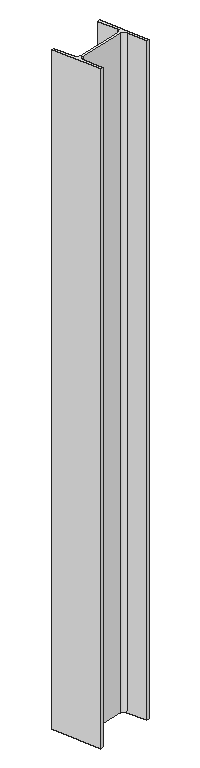
Revit family "M_W-Wide Flange-Column", category 구조 기둥, Revit 2026
Family settings
  단면 모양 = 정의되지 않음
  모델 동작 재료 = 스틸
  항상 형상으로 내보내기 = 아니오
  평면의 보 전환 = 경계 상자에서
  로드될 때 보이드를 사용하여 절단 = 아니오
  기호 표현 = 프로젝트 설정에서
  공유 = 아니오
  평면도에서 미리 절단된 패밀리 표시 = 예
Parameters (values of type "W250X49.1")
  Assembly Code = ""
  Structural Material [instance] = Metal - Steel - 345 MPa
  A = 0.00626 m²
  W = 0.48
  bf = 202 mm
  d = 247 mm
  k = 28 mm
  kr = k - tf  # 17 mm
  tf = 11 mm
  tw = 7.4 mm
Types (2, lengths in mm): name | A | W | bf | d | k | kr | tf | tw
  W250X73 | 0.00931 m² | 0.72 | 254 | 253 | 31 | 16.8 | 14.2 | 8.6
  W250X49.1 | 0.00626 m² | 0.48 | 202 | 247 | 28 | 17 | 11 | 7.4
Reference planes
  plane 1: y = 0
  plane 2: z = 0
  plane 3: x = 0
  plane 4: x = -101
  plane 5: x = 101
  plane 6: y = 123.5
  plane 7: y = -123.5
  plane 8: x = -3.969
  plane 9: x = 3.969
Forms (mm)
  Extrusion 1, solid, material "Metal - Steel - 345 MPa" <- "Structural Material", detail levels medium
    sketch origin (0, 0, 0) x (1, 0, 0) y (0, 1, 0)
      loop
        line (-101, 123.5) -> (-101, 112.5) -> (-3.7, 112.5) -> (-3.7, -112.5) -> (-101, -112.5) -> (-101, -123.5) -> (101, -123.5) -> (101, -112.5) -> (3.7, -112.5) -> (3.7, 112.5) -> (101, 112.5) -> (101, 123.5) -> (-101, 123.5)
    from 0 to 2500
  Extrusion 2, solid, material "Metal - Steel - 345 MPa" <- "Structural Material", detail levels fine
    sketch origin (0, 0, 0) x (1, 0, 0) y (0, 1, 0)
      loop
        line (-101, 123.5) -> (-101, 112.5) -> (-20.7, 112.5)
        arc (-20.7, 112.5) -> (-8.679, 107.521) -> (-3.7, 95.5) r 17
        line (-3.7, 95.5) -> (-3.7, -95.5)
        arc (-3.7, -95.5) -> (-8.679, -107.521) -> (-20.7, -112.5) r 17
        line (-20.7, -112.5) -> (-101, -112.5) -> (-101, -123.5) -> (101, -123.5) -> (101, -112.5) -> (20.7, -112.5)
        arc (20.7, -112.5) -> (8.679, -107.521) -> (3.7, -95.5) r 17
        line (3.7, -95.5) -> (3.7, 95.5)
        arc (3.7, 95.5) -> (8.679, 107.521) -> (20.7, 112.5) r 17
        line (20.7, 112.5) -> (101, 112.5) -> (101, 123.5) -> (-101, 123.5)
    from 0 to 2500
Lines and regions (mm)
  symbolic lines, style "StructuralColumnStickSymbols", detail levels coarse
    curve 1: line (-101, 123.5, 0) -> (101, 123.5, 0)
    curve 2: line (-101, -123.5, 0) -> (101, -123.5, 0)
    curve 3: line (0, 123.5, 0) -> (0, -123.5, 0)
  symbolic lines, style "Hidden Faces", detail levels medium+fine
    curve 4: line (-3.969, 0, 0) -> (-3.969, 0, 2500)
    curve 5: line (3.969, 0, 2500) -> (3.969, 0, 0)
Dimensions and locks
  equal spacing: plane 4, plane 3, plane 5
  equal spacing: plane 7, plane 1, plane 6
  "d": plane 7 to plane 6
  "bf": plane 4 to plane 5
  "tf": plane 7 to Extrusion 1 sketch curve
  "tf": Extrusion 1 sketch curve to plane 6
  equal spacing: Extrusion 1 sketch curve, plane 3, Extrusion 1 sketch curve
  "tw": Extrusion 1 sketch curve to Extrusion 1 sketch curve
  "kr": radius of Extrusion 2 sketch curve  (x4)
  aligned and locked: plane 6 to Extrusion 1 sketch curve
  aligned and locked: Extrusion 1 sketch curve to plane 7
  aligned and locked: Extrusion 1 sketch curve to plane 4  (x2)
  aligned and locked: plane 5 to Extrusion 1 sketch curve  (x2)
  aligned and locked: Extrusion 1 sketch curve to Extrusion 1 sketch curve  (x2)
  aligned and locked: level to Extrusion 1
  aligned and locked: level to plane 2
  aligned and locked: Extrusion 1 to plane 2
  aligned and locked: plane 6 to Extrusion 2 sketch curve
  aligned and locked: plane 5 to Extrusion 2 sketch curve  (x2)
  aligned and locked: Extrusion 2 sketch curve to plane 4  (x2)
  aligned and locked: Extrusion 2 sketch curve to Extrusion 1  (x6)
  aligned and locked: Extrusion 2 sketch curve to plane 7
  aligned and locked: level to Extrusion 2
  aligned and locked: Extrusion 2 to level
Automatic sketch dimensions
  curve 2 to plane 4 = 0 mm
  curve 1 to plane 4 = 0 mm
  curve 3 to plane 3 = 0 mm
  curve 2 to plane 5 = 0 mm
  curve 1 to plane 5 = 0 mm
  curve 3 to plane 7 = 0 mm
  curve 3 to plane 6 = 0 mm
  curve 4 to level = 0 mm  (x2)
  curve 4 to plane 8 = 0 mm
  curve 5 to level = 0 mm  (x2)
  curve 5 to plane 9 = 0 mm
